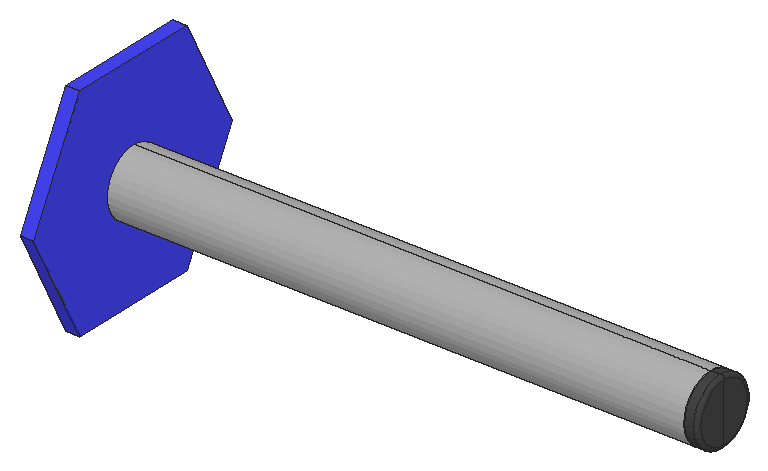
Revit family "Glidehylse_LD_20_Part_S_A4_p_i_t_4031217", category Generic Models, Revit 2019
Family settings
  Can host rebar = No
  Round Connector Dimension = Use Diameter
  Part Type = Normal
  Work Plane-Based = Yes
  Always vertical = No
  Cut with Voids When Loaded = No
  Shared = No
  Room Calculation Point = No
Parameters (values of type "LD20_Part_S_A4")
  Website Link = "https://haucon.dk/produkt/dorn-ld/#variations"
  Total Length = 220 mm
  Technical Data Sheet = "https://haucon.dk/wp-content/uploads/2018/02/TA-Dorn-LD-TI-DK.pdf"
  Sleeve Inner Diameter = 21 mm
  Plastic Black = Plastic Black
  Plastic = Plastic Blue
  Metal = Steel A4
  Hexagon Height = 5 mm
  Hexagon Diameter = 80 mm
  Elevation Height = 100 mm
  Default Elevation = 1219.2 mm
  Cap Height = 5 mm
Types (3, lengths in mm): name | Total Length | Technical Data Sheet | Sleeve Inner Diameter | Plastic
  (no name) | 220 | "https://haucon.dk/wp-content/uploads/2018/02/TA-Dorn-LD-TI-DK.pdf" | 21 | Plastic Blue
  LD16_Part_S_A4 | 195 | "https://haucon.dk/wp-content/uploads/2018/02/TA-Dorn-LD-TI-DK.pdfhttps://haucon.dk/wp-content/uploads/2018/02/TA-Dorn-LD-TI-DK.pdf" | 17 | PVC, Flexible
  LD20_Part_S_A4 | 220 | "https://haucon.dk/wp-content/uploads/2018/02/TA-Dorn-LD-TI-DK.pdf" | 21 | Plastic Blue
Reference planes
  plane 1 "Center (Front/Back)": y = 0
  plane 2: z = 0
  plane 3 "Center (Left/Right)": x = 0
  plane 4: x = 5
  plane 5: x = 215
  plane 6: x = 220
  plane 7: z = 100
  plane 8: z = 89.5
  plane 9: z = 110.5
Forms (mm)
  Revolve 1, solid, material "Steel A4" <- "Metal"
    sketch origin (0, 0, 92.286) x (0, 0, -1) y (1, 0, 0)
      loop
        line (-19.714, 5) -> (-18.214, 5) -> (-18.214, 215) -> (-19.714, 215) -> (-19.714, 5)
      axis (-7.714, 215) -> (-7.714, 5)
    angle from 0 to 360
  Revolve 2, solid, material "Plastic Black" <- "Plastic Black"
    sketch origin (0, 0, 89.786) x (0, 0, -1) y (1, 0, 0)
      loop
        line (-22.214, 215) -> (-20.714, 215) -> (-20.714, 218.5) -> (-10.214, 218.5) -> (-10.214, 220) -> (-20.753, 220)
        arc (-20.753, 220) -> (-21.786, 219.572) -> (-22.214, 218.539) r 1.461
        line (-22.214, 218.539) -> (-22.214, 215)
      axis (-10.214, 220) -> (-10.214, 215)
    angle from 0 to 360
  Extrusion 3, solid, material "Plastic Blue" <- "Plastic"
    sketch origin (0, 0, -50) x (0, 1, 0) y (0, 0, 1)
      loop
        line (44.91, 150) -> (24.313, 190) -> (-24.476, 190) -> (-45.073, 150) -> (-24.476, 110) -> (24.313, 110) -> (44.91, 150)
    from 0 to 5
Dimensions and locks
  equal spacing: plane 9, plane 7, plane 8
  "Sleeve Inner Diameter": plane 9 to plane 8
  "Cap Height": plane 6 to plane 5
  "Hexagon Height": plane 4 to plane 3 "Center (Left/Right)"
  "Elevation Height": plane 7 to level
  "Total Length": plane 6 to plane 3 "Center (Left/Right)"
  Extrusion 3 sketch curve to Extrusion 3 sketch curve = 80 mm  (x3)
  aligned and locked: level to plane 2
  aligned and locked: Revolve 1 to plane 4
  aligned and locked: plane 9 to Revolve 1 sketch curve
  aligned and locked: plane 7 to Revolve 1 sketch curve
  aligned and locked: Revolve 2 sketch curve to plane 9
  aligned and locked: plane 7 to Revolve 2 sketch curve  (x2)
  aligned and locked: plane 5 to Revolve 2 sketch curve
  aligned and locked: Revolve 2 sketch curve to plane 6
  aligned and locked: Revolve 1 sketch curve to plane 5
  aligned and locked: Extrusion 3 to plane 7
Automatic sketch dimensions
  Revolve 2 sketch curve to Revolve 2 sketch curve = 0.711 mm
  Revolve 2 sketch curve to Revolve 2 sketch curve = 0.039 mm  (x2)
  Revolve 2 sketch curve to Revolve 2 sketch curve = 1.739 mm
  Revolve 2 sketch curve to Revolve 2 sketch curve = 1.461 mm
  Revolve 1 sketch curve to plane 4 = 0 mm
  Revolve 1 sketch curve to Revolve 1 sketch curve = 1.5 mm
  Revolve 1 sketch curve to plane 5 = 15.148 mm
  Revolve 1 sketch curve to plane 5 = 0.148 mm
  plane 7 to Extrusion 3 sketch curve = 0 mm
  Extrusion 3 sketch curve to plane 1 "Center (Front/Back)" = 24.313 mm  (x2)
  Extrusion 3 sketch curve to plane 7 = 0 mm
  Extrusion 3 sketch curve to Extrusion 3 sketch curve = 20.597 mm
